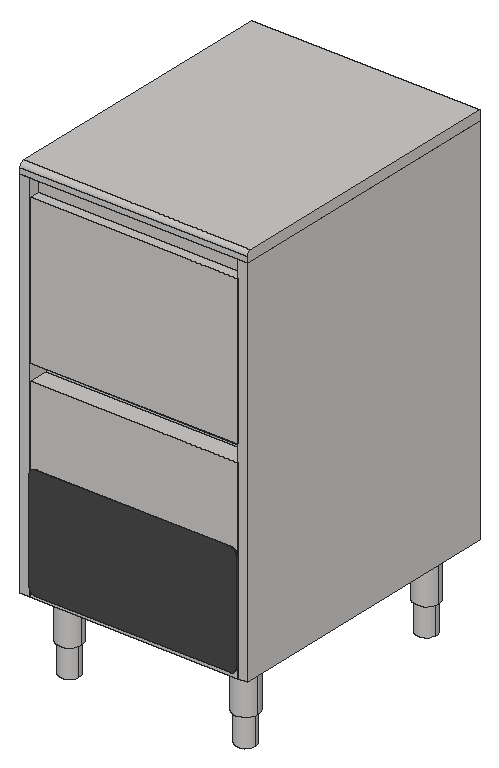
Revit family "QF_ZANUSSI_730314_ICB38I20SNP", category Attrezzature speciali, Revit 2018
Family settings
  Quota connettore circolare = Usa diametro
  Tipo di parte = Normale
  Basato su piano di lavoro = No
  Sempre verticale = Sì
  Taglio con vuoti quando caricato = No
  Condiviso = No
  Punto di calcolo locali = No
Parameters (values of type "Standard")
  Weight = 45.00 kg
  Watts = 1000 W
  Volts = 220 V
  URL Manufacturer = "http://www.zanussiprofessional.com"
  URL = "http://www.zanussiprofessional.com"
  Steam Supply Size = 0 mm
  Steam Supply Minimum Pressure = 0.0 Pa
  Steam Supply Maximum Pressure = 0.0 Pa
  Steam Pounds per Hour = 0
  Show Logo [instance] = yes
  Show Clearance [instance] = yes
  Refrigeration Suction Line Size = 0 mm
  Refrigeration Liquid Line Size = 0 mm
  Refrigerant Compressor Remote = yes
  Produttore = "Zanussi"
  Phase = 1
  Modello = "ICB38I20SNP"
  Length Actual = 465 mm  # constant formula
  Item Number = "730314"
  Hot Water Size = 0 mm
  Height Actual = 894 mm  # constant formula
  HP = "1.3 HP"
  Gas Size = 0 mm
  Gas KW = 0
  Gas Input Pressure = 0 W
  Descrizione = "WATER COOLED ICE CUBER 22GR 38KG/24H-BIN 20KG"
  Depth Actual = 595 mm  # constant formula
  Cycle = 50 Hz
  Condensate Return Size = 0 mm
  Compressed Air Volume = 0.0 L/s
  Compressed Air Size = 0 mm
  Compressed Air Pressure = 0.0 Pa
  Cold Water Size = 19.05 mm
  Accessory = yes
Reference planes
  plane 1 "Center X": y = 272.851
  plane 2: z = 0
  plane 3 "Center Y": x = -501.5
  plane 4 "LEFT": x = -734
  plane 5 "RIGHT": x = -269
  plane 6 "FRONT": y = -24.149
  plane 7 "BACK": y = 569.851
  plane 8: z = 155
  plane 9: z = 944
  plane 10: z = 924
  plane 11: x = -714
  plane 12: x = -289
  plane 13: y = 15.851
Forms (mm)
  Extrusion 1, solid, material "QF_Finishes_Black"
    sketch origin (-217.296, -24.149, 371.513) x (-1, 0, 0) y (0, 0, -1)
      loop
        arc (481.704, -21.487) -> (492.311, -17.093) -> (496.704, -6.487) r 15
        line (496.704, -6.487) -> (496.704, 194.469)
        arc (496.704, 194.469) -> (492.311, 205.075) -> (481.704, 209.469) r 15
        line (481.704, 209.469) -> (86.704, 209.469)
        arc (86.704, 209.469) -> (76.097, 205.075) -> (71.704, 194.469) r 15
        line (71.704, 194.469) -> (71.704, -6.487)
        arc (71.704, -6.487) -> (76.097, -17.093) -> (86.704, -21.487) r 15
        line (86.704, -21.487) -> (481.704, -21.487)
    from 0 to 2
  Extrusion 2, solid, material "QF_Finishes_Stainless Steel"
    sketch origin (-501.5, 0, 0) x (0, 1, 0) y (0, 0, 1)
      loop
        line (569.851, 924) -> (569.851, 944) -> (-14.149, 944)
        arc (-14.149, 944) -> (-21.22, 941.071) -> (-24.149, 934) r 10
        line (-24.149, 934) -> (-24.149, 924) -> (569.851, 924)
    from -232.5 to 232.5
  Extrusion 3, solid, material "QF_Finishes_Stainless Steel"
    sketch origin (-321.2, 569.851, -329.545) x (1, 0, 0) y (0, 0, -1)
      loop
        circle (-16.8, -655.545) r 10
    from 0 to 10
  Extrusion 4, solid, material "QF_Finishes_Stainless Steel"
    sketch origin (0, 0, 0) x (1, 0, 0) y (0, 1, 0)
      loop
        line (-734, 569.851) -> (-734, -24.149) -> (-714, -24.149) -> (-714, 569.851) -> (-734, 569.851)
    from 155 to 924
  Extrusion 5, solid, material "QF_Finishes_Stainless Steel"
    sketch origin (0, 0, 0) x (1, 0, 0) y (0, 1, 0)
      loop
        line (-289, 569.851) -> (-289, -24.149) -> (-269, -24.149) -> (-269, 569.851) -> (-289, 569.851)
    from 155 to 924
  Extrusion 6, solid, material "QF_Finishes_Stainless Steel"
    sketch origin (0, 0, 0) x (1, 0, 0) y (0, 1, 0)
      loop
        line (-714, 569.851) -> (-714, 15.851) -> (-289, 15.851) -> (-289, 569.851) -> (-714, 569.851)
    from 155 to 924
  Extrusion 7, solid, material "QF_Finishes_Stainless Steel"
    sketch origin (0, 0, 0) x (1, 0, 0) y (0, 1, 0)
      loop
        line (-714, -24.149) -> (-289, -24.149) -> (-289, 15.851) -> (-714, 15.851) -> (-714, -24.149)
    from 155 to 550.848
  Extrusion 8, solid, material "QF_Finishes_Stainless Steel"
    sketch origin (-501.5, 0, 0) x (0, 1, 0) y (0, 0, 1)
      loop
        line (15.851, 924) -> (-4.149, 924) -> (-4.149, 888) -> (-24.149, 888) -> (-24.149, 584.768) -> (-4.149, 584.768) -> (-4.149, 569) -> (15.851, 569) -> (15.851, 924)
    from -212.5 to 212.5
  Extrusion 9, solid, material "QF_Finishes_Stainless Steel"
    sketch origin (-303.2, 569.851, -440.545) x (1, 0, 0) y (0, 0, -1)
      loop
        circle (-16.8, -655.545) r 10
    from 0 to 10
  Extrusion 10, solid, material "QF_Finishes_Stainless Steel"
    sketch origin (-363.2, 569.851, -361.545) x (1, 0, 0) y (0, 0, -1)
      loop
        circle (-16.8, -655.545) r 10
    from 0 to 10
Lines and regions (mm)
  Split face 1
    outline origin (-501.5, -4.149, 924) x (0, 0, -1) y (1, 0, 0)
      loop
        line (5.715, 89.928) -> (30.715, 89.928) -> (30.715, 129.928) -> (5.715, 129.928) -> (5.715, 89.928)
  symbolic lines
    curve 1: line (-734, 569.851, 0) -> (-269, 569.851, 0)
    curve 2: line (-734, -24.149, 0) -> (-734, 569.851, 0)
    curve 3: line (-269, -24.149, 0) -> (-734, -24.149, 0)
    curve 4: line (-269, 569.851, 0) -> (-269, -24.149, 0)
Dimensions and locks
  equal spacing: plane 4 "LEFT", plane 3 "Center Y", plane 5 "RIGHT"
  plane 4 "LEFT" to plane 5 "RIGHT" = 465 mm
  equal spacing: plane 7 "BACK", plane 1 "Center X", plane 6 "FRONT"
  plane 7 "BACK" to plane 6 "FRONT" = 594 mm
  plane 8 to plane 2 = 155 mm
  plane 9 to plane 8 = 789 mm
  locked: plane 4 "LEFT" to plane 11 at 20
  locked: plane 12 to plane 5 "RIGHT" at 20
  locked: plane 9 to plane 10 at 20
  locked: plane 13 to plane 6 "FRONT" at 40
  aligned and locked: level to plane 2
  aligned and locked: plane 5 "RIGHT" to Extrusion 2
  aligned and locked: Extrusion 2 to plane 4 "LEFT"
  aligned and locked: Extrusion 4 sketch curve to Extrusion 2  (x2)
  aligned and locked: plane 6 "FRONT" to Extrusion 4 sketch curve
  aligned and locked: Extrusion 4 sketch curve to plane 11
  aligned and locked: Extrusion 5 sketch curve to plane 7 "BACK"
  aligned and locked: plane 12 to Extrusion 5 sketch curve
  aligned and locked: Extrusion 5 sketch curve to Extrusion 2  (x2)
  aligned and locked: plane 10 to Extrusion 4
  aligned and locked: plane 10 to Extrusion 5
  aligned and locked: Extrusion 4 to plane 8
  aligned and locked: Extrusion 5 to plane 8
  aligned and locked: Extrusion 6 sketch curve to Extrusion 4
  aligned and locked: Extrusion 4 to Extrusion 6 sketch curve
  aligned and locked: plane 13 to Extrusion 6 sketch curve
  aligned and locked: Extrusion 6 sketch curve to plane 12
  aligned and locked: plane 10 to Extrusion 6
  aligned and locked: Extrusion 6 to plane 8
  aligned and locked: Extrusion 4 to Extrusion 7 sketch curve
  aligned and locked: Extrusion 7 sketch curve to Extrusion 4
  aligned and locked: plane 13 to Extrusion 7 sketch curve
  aligned and locked: plane 12 to Extrusion 7 sketch curve
  aligned and locked: Extrusion 7 to plane 8
  aligned and locked: plane 12 to Extrusion 8
  aligned and locked: Extrusion 8 to plane 11
Automatic sketch dimensions
  curve 3 to plane 4 "LEFT" = 0 mm
  curve 3 to plane 5 "RIGHT" = 0 mm
  curve 3 to plane 6 "FRONT" = 0 mm
  curve 2 to plane 7 "BACK" = 0 mm
  Extrusion 1 sketch curve to plane 12 = 0 mm
  plane 8 to Extrusion 1 sketch curve = 7.044 mm
  Extrusion 1 sketch curve to Extrusion 1 sketch curve = 15 mm  (x3)
  plane 11 to Extrusion 1 sketch curve = 15 mm  (x2)
  Extrusion 1 sketch curve to Extrusion 1 sketch curve = 200.956 mm
  Extrusion 2 sketch curve to plane 6 "FRONT" = 0 mm
  Extrusion 2 sketch curve to plane 9 = 0 mm
  Extrusion 2 sketch curve to plane 7 "BACK" = 0 mm
  Extrusion 2 sketch curve to plane 10 = 0 mm
  plane 6 "FRONT" to Extrusion 2 sketch curve = 10 mm
  Extrusion 6 to Extrusion 3 sketch curve = 171 mm
  Extrusion 3 sketch curve to Extrusion 6 = 49 mm
  Extrusion 8 sketch curve to plane 6 "FRONT" = 0 mm
  Extrusion 8 sketch curve to plane 10 = 0 mm
  Extrusion 8 sketch curve to plane 13 = 0 mm
  plane 6 "FRONT" to Extrusion 8 sketch curve = 20 mm  (x2)
  Extrusion 8 sketch curve to plane 10 = 36 mm
  Extrusion 8 sketch curve to Extrusion 8 sketch curve = 303.232 mm
  Extrusion 8 sketch curve to Extrusion 8 sketch curve = 15.768 mm
  Split face 1 sketch curve to Extrusion 8 = 5.715 mm
  Extrusion 8 to Split face 1 sketch curve = 5.285 mm
  Split face 1 sketch curve to Extrusion 8 = 122.572 mm
  Split face 1 sketch curve to Split face 1 sketch curve = 40 mm
  Extrusion 9 sketch curve to Extrusion 6 = 31 mm
  Extrusion 6 to Extrusion 9 sketch curve = 60 mm
  Extrusion 10 sketch curve to Extrusion 6 = 91 mm
  Extrusion 6 to Extrusion 10 sketch curve = 139 mm
  radius of Extrusion 3 sketch curve = 10 mm
  radius of Extrusion 9 sketch curve = 10 mm
  radius of Extrusion 10 sketch curve = 10 mm
Nested families
  nested 1: "Foot_Complete" at (-682, 36.851, 0), type "Foot_Complete"
    with H 155 mm
  nested 2: "Foot_Complete" at (-321, 36.851, 0) x (-1, 0, 0) z (0, 0, 1), type "Foot_Complete"
    with H 155 mm
  nested 3: "Foot_Complete" at (-682, 498.851, 0), type "Foot_Complete"
    with H 155 mm
  nested 4: "Foot_Complete" at (-321, 498.851, 0) x (-1, 0, 0) z (0, 0, 1), type "Foot_Complete"
    with H 155 mm
Connectors
  electrical at (-320, 579.851, 215), driven by "Volts"
    settings: on Extrusion 9, index 1, voltage 220 V, apparent load 0 VA, apparent load phase1 0 VA, apparent load phase2 0 VA, apparent load phase3 0 VA, power factor 1, load classification "Altro", number of poles 1, system type 30, power factor state 1, is connector primary yes, connector utility no, sub classification motor no, connector description "Electrical Connection"
  piping at (-338, 579.851, 326), diameter 20
    settings: on Extrusion 3, index 2, connector inside diameter 609.6 mm, connector length 0 mm, flow factor 0, pipe flow 0.0 L/s, pressure drop 0.0 Pa, fitting loss kfactor 0, connector angle 0.00°, fixture units 0, engagement length 0 mm, angle of deflection 0.00°, flow configuration 0, flow direction 0, fitting loss method 0, system type 20, joint type 0, gender type 0, connector reference index -1, connector utility 0, adjustable connector no, is connector primary yes, connector description "Cold water"
  piping at (-380, 579.851, 294), diameter 20
    settings: on Extrusion 10, index 3, connector inside diameter 609.6 mm, connector length 0 mm, flow factor 0, pipe flow 0.0 L/s, pressure drop 0.0 Pa, fitting loss kfactor 0, connector angle 0.00°, fixture units 0, engagement length 0 mm, angle of deflection 0.00°, flow configuration 0, flow direction 0, fitting loss method 0, system type 16, joint type 0, gender type 0, connector reference index -1, connector utility 0, adjustable connector no, is connector primary no, connector description "Drain"
Definition of nested family "Foot_Complete"
  Parameters (values of type "Foot_Complete")
    R = 25 mm
    H = 153 mm
  Reference planes
    plane 1 "Centro (Fronte/Retro)": y = 0
    plane 2: z = 0
    plane 3 "Centro (Sinistra/Destra)": x = 0
    plane 4: z = 153
  Forms (mm)
    Revolve 1, solid
      sketch origin (255.05, 0, 608.09) x (0, 0, 1) y (-1, 0, 0)
        loop
          line (-608.09, 255.05) -> (-608.09, 235.05) -> (-548.09, 235.05) -> (-548.09, 230.05) -> (-455.09, 230.05) -> (-455.09, 255.05) -> (-608.09, 255.05)
        axis (-608.09, 255.05) -> (-455.09, 255.05)
      angle from 0 to 360
  Dimensions and locks
    level to Revolve 1 sketch curve = 60 mm
    "R": Revolve 1 sketch curve to plane 3 "Centro (Sinistra/Destra)"
    "H": plane 4 to level
    aligned and locked: level to plane 2
    aligned and locked: plane 4 to Revolve 1 sketch curve
    aligned and locked: Revolve 1 sketch curve to level
    aligned and locked: plane 3 "Centro (Sinistra/Destra)" to Revolve 1 sketch curve
  Automatic sketch dimensions
    Revolve 1 sketch curve to plane 3 "Centro (Sinistra/Destra)" = 0 mm
    plane 3 "Centro (Sinistra/Destra)" to Revolve 1 sketch curve = 20 mm
    Revolve 1 sketch curve to Revolve 1 sketch curve = 50 mm
    Revolve 1 sketch curve to Revolve 1 sketch curve = 20 mm
